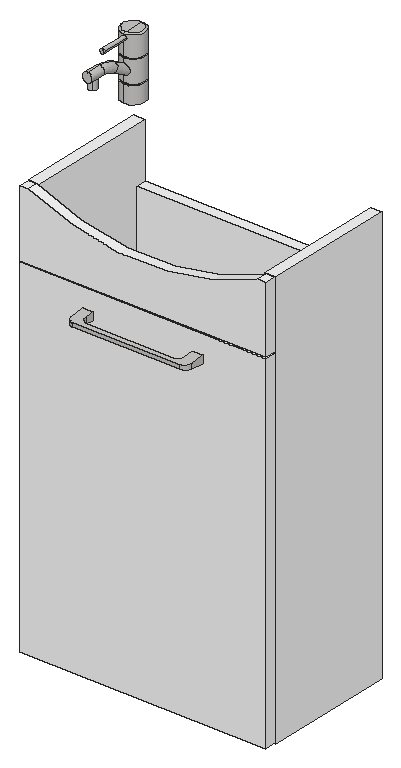
Revit family "42330 - Ifö Spira furniture pack 400 L", category Generic Models, Revit 2015 (continued)
Automatic sketch dimensions
  Masking region 17 sketch curve to Masking region 17 sketch curve = 368.00 mm
  Masking region 17 sketch curve to Masking region 17 sketch curve = 522.00 mm
  Masking region 18 sketch curve to Masking region 18 sketch curve = 0.00 mm  (x3)
  Masking region 18 sketch curve to Masking region 18 sketch curve = 2.00 mm  (x5)
  Masking region 18 sketch curve to Masking region 18 sketch curve = 2.147 mm  (x2)
  Masking region 18 sketch curve to Masking region 18 sketch curve = 15.146 mm
  Masking region 18 sketch curve to Masking region 18 sketch curve = 29.707 mm
  Masking region 18 sketch curve to Masking region 18 sketch curve = 30.00 mm  (x4)
  Masking region 18 sketch curve to Masking region 18 sketch curve = 0.053 mm
  Masking region 18 sketch curve to Masking region 18 sketch curve = 23.057 mm
  Masking region 18 sketch curve to Masking region 18 sketch curve = 23.11 mm
  Masking region 18 sketch curve to Masking region 18 sketch curve = 2.50 mm  (x4)
  Masking region 18 sketch curve to Masking region 18 sketch curve = 32.50 mm
  Masking region 8 sketch curve to Masking region 8 sketch curve = 0.00 mm  (x34)
  plane 1 "Center (Front/Back)" to Masking region 8 sketch curve = 0.00 mm
  Masking region 8 sketch curve to plane 3 "Center (Left/Right)" = 0.00 mm
  Masking region 8 sketch curve to plane 3 "Center (Left/Right)" = 1.006 mm
  Masking region 8 sketch curve to plane 3 "Center (Left/Right)" = 8.133 mm
  Masking region 8 sketch curve to plane 3 "Center (Left/Right)" = 9.81 mm
  Masking region 8 sketch curve to plane 3 "Center (Left/Right)" = 25.737 mm
  Masking region 8 sketch curve to Masking region 8 sketch curve = 56.945 mm  (x2)
  Masking region 8 sketch curve to Masking region 8 sketch curve = 36.385 mm  (x2)
  Masking region 8 sketch curve to Masking region 8 sketch curve = 33.941 mm  (x2)
  Masking region 8 sketch curve to plane 3 "Center (Left/Right)" = 140.978 mm
  Masking region 8 sketch curve to Masking region 8 sketch curve = 16.392 mm  (x2)
  Masking region 8 sketch curve to Masking region 8 sketch curve = 13.67 mm  (x2)
  Masking region 8 sketch curve to plane 3 "Center (Left/Right)" = 172.97 mm
  Masking region 8 sketch curve to Masking region 8 sketch curve = 45.933 mm  (x2)
  Masking region 8 sketch curve to Masking region 8 sketch curve = 8.988 mm  (x2)
  plane 1 "Center (Front/Back)" to Masking region 8 sketch curve = 0.545 mm  (x2)
  Masking region 8 sketch curve to Masking region 8 sketch curve = 10.406 mm  (x2)
  Masking region 8 sketch curve to Masking region 8 sketch curve = 2.878 mm  (x2)
  Masking region 8 sketch curve to Masking region 8 sketch curve = 0.629 mm  (x2)
  plane 1 "Center (Front/Back)" to Masking region 8 sketch curve = 1.31 mm  (x2)
  Masking region 8 sketch curve to Masking region 8 sketch curve = 3.936 mm  (x2)
  plane 1 "Center (Front/Back)" to Masking region 8 sketch curve = 42.56 mm  (x2)
  Masking region 8 sketch curve to Masking region 8 sketch curve = 230.001 mm  (x2)
  Masking region 8 sketch curve to Masking region 8 sketch curve = 96.556 mm  (x2)
  Masking region 8 sketch curve to plane 3 "Center (Left/Right)" = 537.378 mm
  plane 1 "Center (Front/Back)" to Masking region 8 sketch curve = 9.629 mm  (x2)
  Masking region 8 sketch curve to Masking region 8 sketch curve = 4389.208 mm  (x2)
  plane 3 "Center (Left/Right)" to Masking region 8 sketch curve = 1.006 mm
  plane 3 "Center (Left/Right)" to Masking region 8 sketch curve = 8.133 mm
  plane 3 "Center (Left/Right)" to Masking region 8 sketch curve = 9.81 mm
  plane 3 "Center (Left/Right)" to Masking region 8 sketch curve = 25.737 mm
  plane 3 "Center (Left/Right)" to Masking region 8 sketch curve = 140.978 mm
  plane 3 "Center (Left/Right)" to Masking region 8 sketch curve = 172.97 mm
  plane 3 "Center (Left/Right)" to Masking region 8 sketch curve = 537.378 mm
  Masking region 8 sketch curve to Masking region 8 sketch curve = 102.487 mm  (x2)
  Masking region 8 sketch curve to Masking region 8 sketch curve = 63.85 mm  (x2)
  Masking region 8 sketch curve to Masking region 8 sketch curve = 5.473 mm  (x2)
  plane 1 "Center (Front/Back)" to Masking region 8 sketch curve = 65.552 mm  (x2)
  plane 1 "Center (Front/Back)" to Masking region 8 sketch curve = 44.642 mm  (x2)
  plane 1 "Center (Front/Back)" to Masking region 8 sketch curve = 40.304 mm
  plane 1 "Center (Front/Back)" to Masking region 8 sketch curve = 30.56 mm  (x2)
  plane 1 "Center (Front/Back)" to Masking region 8 sketch curve = 27.093 mm  (x2)
  Masking region 8 sketch curve to Masking region 8 sketch curve = 14.667 mm  (x2)
  Masking region 8 sketch curve to Masking region 8 sketch curve = 1.16 mm  (x2)
  Masking region 8 sketch curve to Masking region 8 sketch curve = 0.72 mm  (x2)
  Masking region 8 sketch curve to plane 1 "Center (Front/Back)" = 471.597 mm
  Masking region 8 sketch curve to Masking region 8 sketch curve = 118.467 mm
  Masking region 8 sketch curve to Masking region 8 sketch curve = 25.444 mm
  Masking region 8 sketch curve to Masking region 8 sketch curve = 415.361 mm
  Masking region 8 sketch curve to Masking region 8 sketch curve = 1037.511 mm
  Masking region 8 sketch curve to Masking region 8 sketch curve = 4713.091 mm
  Masking region 8 sketch curve to plane 3 "Center (Left/Right)" = 15.631 mm
  Masking region 8 sketch curve to Masking region 8 sketch curve = 16.428 mm
  Masking region 8 sketch curve to Masking region 8 sketch curve = 35.047 mm  (x2)
  Masking region 8 sketch curve to Masking region 8 sketch curve = 3.843 mm  (x2)
  Masking region 8 sketch curve to Masking region 8 sketch curve = 3.051 mm  (x2)
  Masking region 8 sketch curve to Masking region 8 sketch curve = 0.034 mm  (x2)
  Masking region 8 sketch curve to Masking region 8 sketch curve = 0.193 mm  (x2)
  Masking region 8 sketch curve to Masking region 8 sketch curve = 0.367 mm  (x2)
  Masking region 8 sketch curve to Masking region 8 sketch curve = 0.12 mm  (x2)
  plane 3 "Center (Left/Right)" to Masking region 8 sketch curve = 15.631 mm
  Masking region 9 sketch curve to Masking region 9 sketch curve = 0.00 mm  (x37)
  Masking region 9 sketch curve to Masking region 9 sketch curve = 862.023 mm
  Masking region 9 sketch curve to Masking region 9 sketch curve = 75.49 mm
  Masking region 9 sketch curve to Masking region 9 sketch curve = 151.013 mm
  Masking region 9 sketch curve to Masking region 9 sketch curve = 217.968 mm
  Masking region 9 sketch curve to Masking region 9 sketch curve = 114.948 mm
  Masking region 9 sketch curve to Masking region 9 sketch curve = 40.089 mm
  Masking region 9 sketch curve to Masking region 9 sketch curve = 175.195 mm
  Masking region 9 sketch curve to Masking region 9 sketch curve = 1.372 mm
  Masking region 9 sketch curve to Masking region 9 sketch curve = 0.386 mm
  Masking region 9 sketch curve to Masking region 9 sketch curve = 0.666 mm
  Masking region 9 sketch curve to Masking region 9 sketch curve = 0.804 mm
  Masking region 9 sketch curve to Masking region 9 sketch curve = 0.669 mm
  Masking region 9 sketch curve to Masking region 9 sketch curve = 2.872 mm
  Masking region 9 sketch curve to Masking region 9 sketch curve = 15.411 mm
  Masking region 9 sketch curve to Masking region 9 sketch curve = 8.84 mm
  Masking region 9 sketch curve to Masking region 9 sketch curve = 46.645 mm
  Masking region 9 sketch curve to Masking region 9 sketch curve = 49.863 mm
  Masking region 9 sketch curve to Masking region 9 sketch curve = 1.036 mm
  Masking region 9 sketch curve to Masking region 9 sketch curve = 3.998 mm
  Masking region 9 sketch curve to Masking region 9 sketch curve = 0.536 mm
  Masking region 9 sketch curve to Masking region 9 sketch curve = 1.71 mm
  Masking region 9 sketch curve to Masking region 9 sketch curve = 6.502 mm
  Masking region 9 sketch curve to Masking region 9 sketch curve = 11.525 mm
  Masking region 9 sketch curve to Masking region 9 sketch curve = 13.64 mm
  Masking region 9 sketch curve to Masking region 9 sketch curve = 4.903 mm
  Masking region 9 sketch curve to Masking region 9 sketch curve = 1.587 mm
  Masking region 9 sketch curve to Masking region 9 sketch curve = 130.576 mm
  Masking region 9 sketch curve to Masking region 9 sketch curve = 9.75 mm
  Masking region 9 sketch curve to Masking region 9 sketch curve = 11.795 mm
  Masking region 9 sketch curve to Masking region 9 sketch curve = 56.077 mm
  Masking region 9 sketch curve to Masking region 9 sketch curve = 30.671 mm
  Masking region 9 sketch curve to Masking region 9 sketch curve = 40.619 mm
  Masking region 9 sketch curve to Masking region 9 sketch curve = 48.364 mm
  Masking region 9 sketch curve to Masking region 9 sketch curve = 19.123 mm
  Masking region 9 sketch curve to Masking region 9 sketch curve = 34.641 mm
  Masking region 9 sketch curve to Masking region 9 sketch curve = 20.931 mm
  Masking region 9 sketch curve to Masking region 9 sketch curve = 1.462 mm
  Masking region 9 sketch curve to Masking region 9 sketch curve = 21.54 mm
  Masking region 9 sketch curve to Masking region 9 sketch curve = 34.00 mm
  Masking region 9 sketch curve to Masking region 9 sketch curve = 4.166 mm
  Masking region 9 sketch curve to Masking region 9 sketch curve = 11.173 mm
  Masking region 9 sketch curve to Masking region 9 sketch curve = 3.058 mm
  Masking region 9 sketch curve to Masking region 9 sketch curve = 0.346 mm
  Masking region 9 sketch curve to Masking region 9 sketch curve = 9.041 mm
  Masking region 9 sketch curve to Masking region 9 sketch curve = 47.607 mm
  Masking region 9 sketch curve to Masking region 9 sketch curve = 1.099 mm
  Masking region 9 sketch curve to Masking region 9 sketch curve = 4.325 mm
  Masking region 9 sketch curve to Masking region 9 sketch curve = 6.826 mm
  Masking region 9 sketch curve to Masking region 9 sketch curve = 0.486 mm
  Masking region 9 sketch curve to Masking region 9 sketch curve = 0.941 mm
  Masking region 9 sketch curve to Masking region 9 sketch curve = 0.53 mm
  Masking region 9 sketch curve to Masking region 9 sketch curve = 0.499 mm
  Masking region 9 sketch curve to Masking region 9 sketch curve = 1.884 mm
  Masking region 9 sketch curve to Masking region 9 sketch curve = 1.342 mm
  Masking region 9 sketch curve to Masking region 9 sketch curve = 0.429 mm
  Masking region 9 sketch curve to Masking region 9 sketch curve = 6.319 mm
  Masking region 9 sketch curve to Masking region 9 sketch curve = 3.462 mm
  Masking region 9 sketch curve to Masking region 9 sketch curve = 23.577 mm
  Masking region 9 sketch curve to Masking region 9 sketch curve = 122.028 mm
  Masking region 9 sketch curve to Masking region 9 sketch curve = 113.022 mm
  Masking region 9 sketch curve to Masking region 9 sketch curve = 107.611 mm
  Masking region 9 sketch curve to Masking region 9 sketch curve = 153.208 mm
  Masking region 9 sketch curve to Masking region 9 sketch curve = 9.975 mm
  Masking region 9 sketch curve to Masking region 9 sketch curve = 82.218 mm
  Masking region 9 sketch curve to Masking region 9 sketch curve = 12.683 mm
  Masking region 9 sketch curve to Masking region 9 sketch curve = 30.337 mm
  Masking region 9 sketch curve to Masking region 9 sketch curve = 36.054 mm
  Masking region 9 sketch curve to Masking region 9 sketch curve = 56.196 mm
  Masking region 9 sketch curve to Masking region 9 sketch curve = 14.019 mm
  Masking region 9 sketch curve to Masking region 9 sketch curve = 6.856 mm
  Masking region 9 sketch curve to Masking region 9 sketch curve = 5.263 mm
  Masking region 9 sketch curve to Masking region 9 sketch curve = 1.262 mm
  Masking region 9 sketch curve to Masking region 9 sketch curve = 27.019 mm
  Masking region 9 sketch curve to Masking region 9 sketch curve = 14.60 mm
  Masking region 9 sketch curve to Masking region 9 sketch curve = 43.891 mm
  Masking region 9 sketch curve to Masking region 9 sketch curve = 40.621 mm
  Masking region 9 sketch curve to Masking region 9 sketch curve = 9.583 mm
  Masking region 9 sketch curve to Masking region 9 sketch curve = 36.902 mm
  Masking region 9 sketch curve to Masking region 9 sketch curve = 6.275 mm
  Masking region 9 sketch curve to Masking region 9 sketch curve = 68.723 mm
  Masking region 9 sketch curve to Masking region 9 sketch curve = 0.319 mm
  Masking region 9 sketch curve to Masking region 9 sketch curve = 11.334 mm
  Masking region 9 sketch curve to Masking region 9 sketch curve = 1.405 mm
  Masking region 9 sketch curve to Masking region 9 sketch curve = 1.737 mm
  Masking region 9 sketch curve to Masking region 9 sketch curve = 1.849 mm
  Masking region 9 sketch curve to Masking region 9 sketch curve = 14.23 mm
  Masking region 9 sketch curve to Masking region 9 sketch curve = 2.544 mm
  Masking region 9 sketch curve to Masking region 9 sketch curve = 0.106 mm
  Masking region 9 sketch curve to Masking region 9 sketch curve = 0.473 mm
  Masking region 9 sketch curve to Masking region 9 sketch curve = 2.773 mm
  Masking region 9 sketch curve to Masking region 9 sketch curve = 0.898 mm
  Masking region 9 sketch curve to Masking region 9 sketch curve = 2.703 mm
  Masking region 9 sketch curve to Masking region 9 sketch curve = 57.818 mm
  Masking region 9 sketch curve to Masking region 9 sketch curve = 4.706 mm
  Masking region 9 sketch curve to Masking region 9 sketch curve = 1.70 mm
  Masking region 9 sketch curve to Masking region 9 sketch curve = 5.281 mm
  Masking region 9 sketch curve to Masking region 9 sketch curve = 0.077 mm
  Masking region 9 sketch curve to Masking region 9 sketch curve = 3.516 mm
  Masking region 9 sketch curve to Masking region 9 sketch curve = 1.886 mm
  Masking region 9 sketch curve to Masking region 9 sketch curve = 0.236 mm
  Masking region 9 sketch curve to Masking region 9 sketch curve = 1.024 mm
  Masking region 9 sketch curve to Masking region 9 sketch curve = 0.464 mm
  Masking region 9 sketch curve to Masking region 9 sketch curve = 3.87 mm
  Masking region 9 sketch curve to Masking region 9 sketch curve = 0.115 mm
  Masking region 9 sketch curve to Masking region 9 sketch curve = 0.363 mm
  Masking region 9 sketch curve to Masking region 9 sketch curve = 15.021 mm
  Masking region 9 sketch curve to Masking region 9 sketch curve = 0.18 mm
  Masking region 9 sketch curve to Masking region 9 sketch curve = 1.025 mm
  Masking region 9 sketch curve to Masking region 9 sketch curve = 4.463 mm
  Masking region 9 sketch curve to Masking region 9 sketch curve = 1.422 mm
  Masking region 9 sketch curve to Masking region 9 sketch curve = 32.284 mm
  Masking region 9 sketch curve to Masking region 9 sketch curve = 27.63 mm
  Masking region 9 sketch curve to Masking region 9 sketch curve = 25.291 mm
  Masking region 9 sketch curve to Masking region 9 sketch curve = 222.805 mm
  Masking region 9 sketch curve to Masking region 9 sketch curve = 1339.069 mm
  Masking region 9 sketch curve to Masking region 9 sketch curve = 2.901 mm
  Masking region 9 sketch curve to Masking region 9 sketch curve = 0.02 mm
  Masking region 9 sketch curve to Masking region 9 sketch curve = 4.632 mm
  Masking region 9 sketch curve to Masking region 9 sketch curve = 2.04 mm
  Masking region 9 sketch curve to Masking region 9 sketch curve = 2.871 mm
  Masking region 9 sketch curve to Masking region 9 sketch curve = 1.988 mm
  Masking region 9 sketch curve to Masking region 9 sketch curve = 8.523 mm
  Masking region 9 sketch curve to Masking region 9 sketch curve = 1.123 mm
  Masking region 16 sketch curve to Masking region 16 sketch curve = 0.00 mm  (x37)
  Masking region 16 sketch curve to Masking region 16 sketch curve = 862.023 mm
  Masking region 16 sketch curve to Masking region 16 sketch curve = 75.49 mm
  Masking region 16 sketch curve to Masking region 16 sketch curve = 151.013 mm
  Masking region 16 sketch curve to Masking region 16 sketch curve = 217.968 mm
  Masking region 16 sketch curve to Masking region 16 sketch curve = 114.948 mm
  Masking region 16 sketch curve to Masking region 16 sketch curve = 40.089 mm
  Masking region 16 sketch curve to Masking region 16 sketch curve = 175.195 mm
  Masking region 16 sketch curve to Masking region 16 sketch curve = 1.372 mm
  Masking region 16 sketch curve to Masking region 16 sketch curve = 0.386 mm
  Masking region 16 sketch curve to Masking region 16 sketch curve = 0.666 mm
  Masking region 16 sketch curve to Masking region 16 sketch curve = 0.804 mm
  Masking region 16 sketch curve to Masking region 16 sketch curve = 0.669 mm
  Masking region 16 sketch curve to Masking region 16 sketch curve = 2.872 mm
  Masking region 16 sketch curve to Masking region 16 sketch curve = 15.411 mm
  Masking region 16 sketch curve to Masking region 16 sketch curve = 8.84 mm
  Masking region 16 sketch curve to Masking region 16 sketch curve = 46.645 mm
  Masking region 16 sketch curve to Masking region 16 sketch curve = 49.863 mm
  Masking region 16 sketch curve to Masking region 16 sketch curve = 1.036 mm
  Masking region 16 sketch curve to Masking region 16 sketch curve = 3.998 mm
  Masking region 16 sketch curve to Masking region 16 sketch curve = 0.536 mm
  Masking region 16 sketch curve to Masking region 16 sketch curve = 1.71 mm
  Masking region 16 sketch curve to Masking region 16 sketch curve = 6.502 mm
  Masking region 16 sketch curve to Masking region 16 sketch curve = 11.525 mm
  Masking region 16 sketch curve to Masking region 16 sketch curve = 13.64 mm
  Masking region 16 sketch curve to Masking region 16 sketch curve = 4.903 mm
  Masking region 16 sketch curve to Masking region 16 sketch curve = 1.587 mm
  Masking region 16 sketch curve to Masking region 16 sketch curve = 130.576 mm
  Masking region 16 sketch curve to Masking region 16 sketch curve = 9.75 mm
  Masking region 16 sketch curve to Masking region 16 sketch curve = 11.795 mm
  Masking region 16 sketch curve to Masking region 16 sketch curve = 56.077 mm
  Masking region 16 sketch curve to Masking region 16 sketch curve = 30.671 mm
  Masking region 16 sketch curve to Masking region 16 sketch curve = 40.619 mm
  Masking region 16 sketch curve to Masking region 16 sketch curve = 48.364 mm
  Masking region 16 sketch curve to Masking region 16 sketch curve = 19.123 mm
  Masking region 16 sketch curve to Masking region 16 sketch curve = 34.641 mm
  Masking region 16 sketch curve to Masking region 16 sketch curve = 20.931 mm
  Masking region 16 sketch curve to Masking region 16 sketch curve = 1.462 mm
  Masking region 16 sketch curve to Masking region 16 sketch curve = 21.54 mm
  Masking region 16 sketch curve to Masking region 16 sketch curve = 34.00 mm
  Masking region 16 sketch curve to Masking region 16 sketch curve = 4.166 mm
  Masking region 16 sketch curve to Masking region 16 sketch curve = 11.173 mm
  Masking region 16 sketch curve to Masking region 16 sketch curve = 3.058 mm
  Masking region 16 sketch curve to Masking region 16 sketch curve = 0.346 mm
  Masking region 16 sketch curve to Masking region 16 sketch curve = 9.041 mm
  Masking region 16 sketch curve to Masking region 16 sketch curve = 47.607 mm
  Masking region 16 sketch curve to Masking region 16 sketch curve = 1.099 mm
  Masking region 16 sketch curve to Masking region 16 sketch curve = 4.325 mm
  Masking region 16 sketch curve to Masking region 16 sketch curve = 6.826 mm
  Masking region 16 sketch curve to Masking region 16 sketch curve = 0.486 mm
  Masking region 16 sketch curve to Masking region 16 sketch curve = 0.941 mm
  Masking region 16 sketch curve to Masking region 16 sketch curve = 0.53 mm
  Masking region 16 sketch curve to Masking region 16 sketch curve = 0.499 mm
  Masking region 16 sketch curve to Masking region 16 sketch curve = 1.884 mm
  Masking region 16 sketch curve to Masking region 16 sketch curve = 1.342 mm
  Masking region 16 sketch curve to Masking region 16 sketch curve = 0.429 mm
  Masking region 16 sketch curve to Masking region 16 sketch curve = 6.319 mm
  Masking region 16 sketch curve to Masking region 16 sketch curve = 3.462 mm
  Masking region 16 sketch curve to Masking region 16 sketch curve = 23.577 mm
  Masking region 16 sketch curve to Masking region 16 sketch curve = 122.028 mm
  Masking region 16 sketch curve to Masking region 16 sketch curve = 113.022 mm
  Masking region 16 sketch curve to Masking region 16 sketch curve = 107.611 mm
  Masking region 16 sketch curve to Masking region 16 sketch curve = 153.208 mm
  Masking region 16 sketch curve to Masking region 16 sketch curve = 9.975 mm
  Masking region 16 sketch curve to Masking region 16 sketch curve = 82.218 mm
  Masking region 16 sketch curve to Masking region 16 sketch curve = 12.683 mm
  Masking region 16 sketch curve to Masking region 16 sketch curve = 30.337 mm
  Masking region 16 sketch curve to Masking region 16 sketch curve = 36.054 mm
  Masking region 16 sketch curve to Masking region 16 sketch curve = 56.196 mm
  Masking region 16 sketch curve to Masking region 16 sketch curve = 14.019 mm
  Masking region 16 sketch curve to Masking region 16 sketch curve = 6.856 mm
  Masking region 16 sketch curve to Masking region 16 sketch curve = 5.263 mm
  Masking region 16 sketch curve to Masking region 16 sketch curve = 1.262 mm
  Masking region 16 sketch curve to Masking region 16 sketch curve = 27.019 mm
  Masking region 16 sketch curve to Masking region 16 sketch curve = 14.60 mm
  Masking region 16 sketch curve to Masking region 16 sketch curve = 43.891 mm
  Masking region 16 sketch curve to Masking region 16 sketch curve = 40.621 mm
  Masking region 16 sketch curve to Masking region 16 sketch curve = 9.583 mm
  Masking region 16 sketch curve to Masking region 16 sketch curve = 36.902 mm
  Masking region 16 sketch curve to Masking region 16 sketch curve = 6.275 mm
  Masking region 16 sketch curve to Masking region 16 sketch curve = 68.723 mm
  Masking region 16 sketch curve to Masking region 16 sketch curve = 0.319 mm
  Masking region 16 sketch curve to Masking region 16 sketch curve = 11.334 mm
  Masking region 16 sketch curve to Masking region 16 sketch curve = 1.405 mm
  Masking region 16 sketch curve to Masking region 16 sketch curve = 1.737 mm
  Masking region 16 sketch curve to Masking region 16 sketch curve = 1.849 mm
  Masking region 16 sketch curve to Masking region 16 sketch curve = 14.23 mm
  Masking region 16 sketch curve to Masking region 16 sketch curve = 2.544 mm
  Masking region 16 sketch curve to Masking region 16 sketch curve = 0.106 mm
  Masking region 16 sketch curve to Masking region 16 sketch curve = 0.473 mm
  Masking region 16 sketch curve to Masking region 16 sketch curve = 2.773 mm
  Masking region 16 sketch curve to Masking region 16 sketch curve = 0.898 mm
  Masking region 16 sketch curve to Masking region 16 sketch curve = 2.703 mm
  Masking region 16 sketch curve to Masking region 16 sketch curve = 57.818 mm
  Masking region 16 sketch curve to Masking region 16 sketch curve = 4.706 mm
  Masking region 16 sketch curve to Masking region 16 sketch curve = 1.70 mm
  Masking region 16 sketch curve to Masking region 16 sketch curve = 5.281 mm
  Masking region 16 sketch curve to Masking region 16 sketch curve = 0.077 mm
  Masking region 16 sketch curve to Masking region 16 sketch curve = 3.516 mm
  Masking region 16 sketch curve to Masking region 16 sketch curve = 1.886 mm
  Masking region 16 sketch curve to Masking region 16 sketch curve = 0.236 mm
  Masking region 16 sketch curve to Masking region 16 sketch curve = 1.024 mm
  Masking region 16 sketch curve to Masking region 16 sketch curve = 0.464 mm
  Masking region 16 sketch curve to Masking region 16 sketch curve = 3.87 mm
  Masking region 16 sketch curve to Masking region 16 sketch curve = 0.115 mm
  Masking region 16 sketch curve to Masking region 16 sketch curve = 0.363 mm
  Masking region 16 sketch curve to Masking region 16 sketch curve = 15.021 mm
  Masking region 16 sketch curve to Masking region 16 sketch curve = 0.18 mm
  Masking region 16 sketch curve to Masking region 16 sketch curve = 1.025 mm
  Masking region 16 sketch curve to Masking region 16 sketch curve = 4.463 mm
  Masking region 16 sketch curve to Masking region 16 sketch curve = 1.422 mm
  Masking region 16 sketch curve to Masking region 16 sketch curve = 32.284 mm
  Masking region 16 sketch curve to Masking region 16 sketch curve = 27.63 mm
  Masking region 16 sketch curve to Masking region 16 sketch curve = 25.291 mm
  Masking region 16 sketch curve to Masking region 16 sketch curve = 222.805 mm
  Masking region 16 sketch curve to Masking region 16 sketch curve = 1339.069 mm
  Masking region 16 sketch curve to Masking region 16 sketch curve = 2.901 mm
  Masking region 16 sketch curve to Masking region 16 sketch curve = 0.02 mm
  Masking region 16 sketch curve to Masking region 16 sketch curve = 4.632 mm
  Masking region 16 sketch curve to Masking region 16 sketch curve = 2.04 mm
  Masking region 16 sketch curve to Masking region 16 sketch curve = 2.871 mm
  Masking region 16 sketch curve to Masking region 16 sketch curve = 1.988 mm
  Masking region 16 sketch curve to Masking region 16 sketch curve = 8.523 mm
  Masking region 16 sketch curve to Masking region 16 sketch curve = 1.123 mm
  Masking region 20 sketch curve to Masking region 20 sketch curve = 1788.884 mm  (x2)
  Masking region 20 sketch curve to Masking region 20 sketch curve = 53.33 mm  (x2)
  Masking region 20 sketch curve to Masking region 20 sketch curve = 185.764 mm  (x2)
  Masking region 20 sketch curve to Masking region 20 sketch curve = 4.275 mm
  Masking region 20 sketch curve to Masking region 20 sketch curve = 4.30 mm  (x2)
  Masking region 20 sketch curve to Masking region 20 sketch curve = 5.523 mm
  Masking region 20 sketch curve to Masking region 20 sketch curve = 5.212 mm  (x2)
  Masking region 20 sketch curve to Masking region 20 sketch curve = 5.583 mm
  Masking region 20 sketch curve to Masking region 20 sketch curve = 0.741 mm
  Masking region 20 sketch curve to Masking region 20 sketch curve = 3.451 mm
  Masking region 20 sketch curve to Masking region 20 sketch curve = 3.379 mm  (x2)
  Masking region 20 sketch curve to Masking region 20 sketch curve = 1.904 mm  (x2)
  Masking region 20 sketch curve to Masking region 20 sketch curve = 2.162 mm  (x2)
  Masking region 20 sketch curve to Masking region 20 sketch curve = 6.811 mm
  Masking region 20 sketch curve to Masking region 20 sketch curve = 4.143 mm
  Masking region 20 sketch curve to Masking region 20 sketch curve = 6.385 mm  (x2)
  Masking region 20 sketch curve to Masking region 20 sketch curve = 0.371 mm  (x2)
  Masking region 20 sketch curve to Masking region 20 sketch curve = 5.905 mm  (x2)
  Masking region 20 sketch curve to Masking region 20 sketch curve = 3.557 mm  (x2)
  Masking region 20 sketch curve to Masking region 20 sketch curve = 1.00 mm  (x2)
  Masking region 20 sketch curve to Masking region 20 sketch curve = 1.059 mm  (x2)
  Masking region 20 sketch curve to Masking region 20 sketch curve = 11.638 mm  (x2)
  Masking region 20 sketch curve to Masking region 20 sketch curve = 17.309 mm
  Masking region 20 sketch curve to Masking region 20 sketch curve = 63.505 mm
  Masking region 20 sketch curve to Masking region 20 sketch curve = 71.518 mm
  Masking region 20 sketch curve to Masking region 20 sketch curve = 177.843 mm  (x2)
  Masking region 20 sketch curve to Masking region 20 sketch curve = 112.482 mm
  Masking region 20 sketch curve to Masking region 20 sketch curve = 53.948 mm
  Masking region 20 sketch curve to Masking region 20 sketch curve = 224.963 mm
  Masking region 20 sketch curve to Masking region 20 sketch curve = 122.997 mm
  Masking region 20 sketch curve to Masking region 20 sketch curve = 16.707 mm
  Masking region 20 sketch curve to Masking region 20 sketch curve = 282.624 mm
  Masking region 20 sketch curve to Masking region 20 sketch curve = 30.731 mm
  Masking region 20 sketch curve to Masking region 20 sketch curve = 3.269 mm  (x2)
  Masking region 20 sketch curve to Masking region 20 sketch curve = 17.751 mm  (x2)
  Masking region 20 sketch curve to Masking region 20 sketch curve = 3.908 mm
  Masking region 20 sketch curve to Masking region 20 sketch curve = 7.553 mm
  Masking region 20 sketch curve to Masking region 20 sketch curve = 1.391 mm
  Masking region 20 sketch curve to Masking region 20 sketch curve = 23.994 mm
  Masking region 20 sketch curve to Masking region 20 sketch curve = 2.638 mm
  Masking region 20 sketch curve to Masking region 20 sketch curve = 5.355 mm
  Masking region 20 sketch curve to Masking region 20 sketch curve = 6.324 mm
  Masking region 20 sketch curve to Masking region 20 sketch curve = 2531.953 mm
  Masking region 20 sketch curve to Masking region 20 sketch curve = 0.00 mm  (x55)
  Masking region 20 sketch curve to Masking region 20 sketch curve = 75.305 mm  (x2)
  Masking region 20 sketch curve to Masking region 20 sketch curve = 79.856 mm  (x2)
  Masking region 20 sketch curve to Masking region 20 sketch curve = 10.06 mm  (x2)
  Masking region 20 sketch curve to Masking region 20 sketch curve = 0.32 mm  (x2)
  Masking region 20 sketch curve to Masking region 20 sketch curve = 1.204 mm  (x2)
  Masking region 20 sketch curve to Masking region 20 sketch curve = 2.828 mm  (x2)
  Masking region 20 sketch curve to Masking region 20 sketch curve = 1.455 mm  (x2)
  Masking region 20 sketch curve to Masking region 20 sketch curve = 5.495 mm  (x2)
  Masking region 20 sketch curve to Masking region 20 sketch curve = 4.066 mm  (x2)
  Masking region 20 sketch curve to Masking region 20 sketch curve = 0.749 mm  (x2)
  Masking region 20 sketch curve to Masking region 20 sketch curve = 2.036 mm  (x2)
  Masking region 20 sketch curve to Masking region 20 sketch curve = 6.977 mm  (x2)
  Masking region 20 sketch curve to Masking region 20 sketch curve = 4.511 mm  (x2)
  Masking region 20 sketch curve to Masking region 20 sketch curve = 10.109 mm  (x2)
  Masking region 20 sketch curve to Masking region 20 sketch curve = 7.666 mm  (x2)
  Masking region 20 sketch curve to Masking region 20 sketch curve = 18.099 mm  (x2)
  Masking region 20 sketch curve to Masking region 20 sketch curve = 42.763 mm  (x2)
  Masking region 20 sketch curve to Masking region 20 sketch curve = 16.971 mm  (x2)
  Masking region 20 sketch curve to Masking region 20 sketch curve = 2.848 mm  (x2)
  Masking region 20 sketch curve to Masking region 20 sketch curve = 20.737 mm  (x2)
  Masking region 20 sketch curve to Masking region 20 sketch curve = 5.002 mm  (x2)
  Masking region 20 sketch curve to Masking region 20 sketch curve = 1.216 mm  (x2)
  Masking region 20 sketch curve to Masking region 20 sketch curve = 2.687 mm  (x2)
  Masking region 20 sketch curve to Masking region 20 sketch curve = 4.686 mm
  Masking region 20 sketch curve to Masking region 20 sketch curve = 4.739 mm
  Masking region 20 sketch curve to Masking region 20 sketch curve = 305.712 mm  (x2)
  Masking region 20 sketch curve to Masking region 20 sketch curve = 5808.57 mm
  Masking region 20 sketch curve to Masking region 20 sketch curve = 1.703 mm
  Masking region 20 sketch curve to Masking region 20 sketch curve = 0.054 mm  (x2)
  Masking region 20 sketch curve to Masking region 20 sketch curve = 0.866 mm  (x2)
  Masking region 20 sketch curve to Masking region 20 sketch curve = 1405.643 mm
  Masking region 20 sketch curve to Masking region 20 sketch curve = 5.005 mm
  Masking region 20 sketch curve to Masking region 20 sketch curve = 14.735 mm
  Masking region 21 sketch curve to Masking region 21 sketch curve = 1788.884 mm  (x2)
  Masking region 21 sketch curve to Masking region 21 sketch curve = 53.33 mm  (x2)
  Masking region 21 sketch curve to Masking region 21 sketch curve = 185.764 mm  (x2)
  Masking region 21 sketch curve to Masking region 21 sketch curve = 4.275 mm
  Masking region 21 sketch curve to Masking region 21 sketch curve = 4.30 mm  (x2)
  Masking region 21 sketch curve to Masking region 21 sketch curve = 5.523 mm
  Masking region 21 sketch curve to Masking region 21 sketch curve = 5.212 mm  (x2)
  Masking region 21 sketch curve to Masking region 21 sketch curve = 5.583 mm
  Masking region 21 sketch curve to Masking region 21 sketch curve = 0.741 mm
  Masking region 21 sketch curve to Masking region 21 sketch curve = 3.451 mm
  Masking region 21 sketch curve to Masking region 21 sketch curve = 3.379 mm  (x2)
  Masking region 21 sketch curve to Masking region 21 sketch curve = 1.904 mm  (x2)
  Masking region 21 sketch curve to Masking region 21 sketch curve = 2.162 mm  (x2)
  Masking region 21 sketch curve to Masking region 21 sketch curve = 6.811 mm
  Masking region 21 sketch curve to Masking region 21 sketch curve = 4.143 mm
  Masking region 21 sketch curve to Masking region 21 sketch curve = 6.385 mm  (x2)
  Masking region 21 sketch curve to Masking region 21 sketch curve = 0.371 mm  (x2)
  Masking region 21 sketch curve to Masking region 21 sketch curve = 5.905 mm  (x2)
  Masking region 21 sketch curve to Masking region 21 sketch curve = 3.557 mm  (x2)
  Masking region 21 sketch curve to Masking region 21 sketch curve = 1.00 mm  (x2)
  Masking region 21 sketch curve to Masking region 21 sketch curve = 1.059 mm  (x2)
  Masking region 21 sketch curve to Masking region 21 sketch curve = 11.638 mm  (x2)
  Masking region 21 sketch curve to Masking region 21 sketch curve = 17.309 mm
  Masking region 21 sketch curve to Masking region 21 sketch curve = 63.505 mm
  Masking region 21 sketch curve to Masking region 21 sketch curve = 71.518 mm
  Masking region 21 sketch curve to Masking region 21 sketch curve = 177.843 mm  (x2)
  Masking region 21 sketch curve to Masking region 21 sketch curve = 112.482 mm
  Masking region 21 sketch curve to Masking region 21 sketch curve = 53.948 mm
  Masking region 21 sketch curve to Masking region 21 sketch curve = 224.963 mm
  Masking region 21 sketch curve to Masking region 21 sketch curve = 122.997 mm
  Masking region 21 sketch curve to Masking region 21 sketch curve = 16.707 mm
  Masking region 21 sketch curve to Masking region 21 sketch curve = 282.624 mm
  Masking region 21 sketch curve to Masking region 21 sketch curve = 30.731 mm
  Masking region 21 sketch curve to Masking region 21 sketch curve = 3.269 mm  (x2)
  Masking region 21 sketch curve to Masking region 21 sketch curve = 17.751 mm  (x2)
  Masking region 21 sketch curve to Masking region 21 sketch curve = 3.908 mm
  Masking region 21 sketch curve to Masking region 21 sketch curve = 7.553 mm
  Masking region 21 sketch curve to Masking region 21 sketch curve = 1.391 mm
  Masking region 21 sketch curve to Masking region 21 sketch curve = 23.994 mm
  Masking region 21 sketch curve to Masking region 21 sketch curve = 2.638 mm
  Masking region 21 sketch curve to Masking region 21 sketch curve = 5.355 mm
  Masking region 21 sketch curve to Masking region 21 sketch curve = 6.324 mm
  Masking region 21 sketch curve to Masking region 21 sketch curve = 2531.953 mm
  Masking region 21 sketch curve to Masking region 21 sketch curve = 0.00 mm  (x55)
  Masking region 21 sketch curve to Masking region 21 sketch curve = 75.305 mm  (x2)
  Masking region 21 sketch curve to Masking region 21 sketch curve = 79.856 mm  (x2)
  Masking region 21 sketch curve to Masking region 21 sketch curve = 10.06 mm  (x2)
  Masking region 21 sketch curve to Masking region 21 sketch curve = 0.32 mm  (x2)
  Masking region 21 sketch curve to Masking region 21 sketch curve = 1.204 mm  (x2)
  Masking region 21 sketch curve to Masking region 21 sketch curve = 2.828 mm  (x2)
  Masking region 21 sketch curve to Masking region 21 sketch curve = 1.455 mm  (x2)
  Masking region 21 sketch curve to Masking region 21 sketch curve = 5.495 mm  (x2)
  Masking region 21 sketch curve to Masking region 21 sketch curve = 4.066 mm  (x2)
  Masking region 21 sketch curve to Masking region 21 sketch curve = 0.749 mm  (x2)
  Masking region 21 sketch curve to Masking region 21 sketch curve = 2.036 mm  (x2)
  Masking region 21 sketch curve to Masking region 21 sketch curve = 6.977 mm  (x2)
  Masking region 21 sketch curve to Masking region 21 sketch curve = 4.511 mm  (x2)
  Masking region 21 sketch curve to Masking region 21 sketch curve = 10.109 mm  (x2)
  Masking region 21 sketch curve to Masking region 21 sketch curve = 7.666 mm  (x2)
  Masking region 21 sketch curve to Masking region 21 sketch curve = 18.099 mm  (x2)
  Masking region 21 sketch curve to Masking region 21 sketch curve = 42.763 mm  (x2)
  Masking region 21 sketch curve to Masking region 21 sketch curve = 16.971 mm  (x2)
  Masking region 21 sketch curve to Masking region 21 sketch curve = 2.848 mm  (x2)
  Masking region 21 sketch curve to Masking region 21 sketch curve = 20.737 mm  (x2)
  Masking region 21 sketch curve to Masking region 21 sketch curve = 5.002 mm  (x2)
  Masking region 21 sketch curve to Masking region 21 sketch curve = 1.216 mm  (x2)
  Masking region 21 sketch curve to Masking region 21 sketch curve = 2.687 mm  (x2)
  Masking region 21 sketch curve to Masking region 21 sketch curve = 4.686 mm
  Masking region 21 sketch curve to Masking region 21 sketch curve = 4.739 mm
  Masking region 21 sketch curve to Masking region 21 sketch curve = 305.712 mm  (x2)
  Masking region 21 sketch curve to Masking region 21 sketch curve = 5808.57 mm
  Masking region 21 sketch curve to Masking region 21 sketch curve = 1.703 mm
  Masking region 21 sketch curve to Masking region 21 sketch curve = 0.054 mm  (x2)
  Masking region 21 sketch curve to Masking region 21 sketch curve = 0.866 mm  (x2)
  Masking region 21 sketch curve to Masking region 21 sketch curve = 1405.643 mm
  Masking region 21 sketch curve to Masking region 21 sketch curve = 5.005 mm
  Masking region 21 sketch curve to Masking region 21 sketch curve = 14.735 mm
  radius of curve 1 = 37.00 mm
  radius of curve 2 = 23.05 mm
  radius of curve 4 = 14.85 mm
  radius of curve 3 = 17.00 mm
Connectors
  piping at (-120, 0, 721.04), diameter 10, driven by "SupplyPipeDiameter"
    settings: index 1, connector inside diameter 24", connector length 0.00 mm, flow factor 0, pipe flow 0 GPM, pressure drop 0.00 psi, fitting loss kfactor 0, connector angle 0.00°, fixture units 0, engagement length 0.00 mm, angle of deflection 0.00°, flow configuration 0, flow direction 1, fitting loss method 0, system type 19, joint type 0, gender type 0, connector reference index -1, connector utility 0, adjustable connector no, is connector primary yes, connector description ""
  piping at (120, 0, 721.04), diameter 10, driven by "SupplyPipeDiameter"
    settings: index 2, connector inside diameter 24", connector length 0.00 mm, flow factor 0, pipe flow 0 GPM, pressure drop 0.00 psi, fitting loss kfactor 0, connector angle 0.00°, fixture units 0, engagement length 0.00 mm, angle of deflection 0.00°, flow configuration 0, flow direction 1, fitting loss method 0, system type 20, joint type 0, gender type 0, connector reference index -1, connector utility 0, adjustable connector no, is connector primary no, connector description ""
  piping at (0, -148.025, 721.04), diameter 32, driven by "ReturnPipeDiameter"
    settings: index 3, connector inside diameter 24", connector length 0.00 mm, flow factor 0, pipe flow 0 GPM, pressure drop 0.00 psi, fitting loss kfactor 0, connector angle 0.00°, fixture units 0, engagement length 0.00 mm, angle of deflection 0.00°, flow configuration 0, flow direction 2, fitting loss method 0, system type 16, joint type 0, gender type 0, connector reference index -1, connector utility 0, adjustable connector no, is connector primary no, connector description ""
